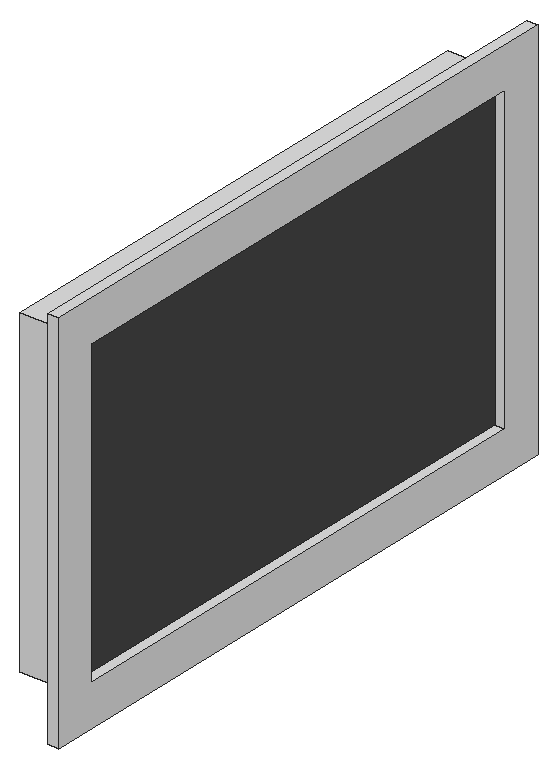
Revit family "KOMPLEKS CHEMOWENT - Kratka - nawiew", category Terminale wentylacyjne, Revit 2016
Family settings
  Typ części = Normalny
  Wymiar okrągłego złącza = Użyj średnicy
  Oparty na płaszczyźnie roboczej = Nie
  Zawsze pionowo = Tak
  Tnij formami wycięć po wczytaniu = Nie
  Współdzielony = Nie
  Punkt obliczania pomieszczeń = Nie
Parameters
  Wysokość kratki [instance] = 300 mm
  Wysokość kołnierza [instance] = A ogr + 60 mm  # 560 mm
  Szerokość kratki [instance] = 500 mm
  Kratka = KOMPLEKS CHEMOWENT - kratka
  Zakres grubości płyt [instance] = "4,6,8,10 i 12 mm"
  Wysokość wycięcia [instance] = A ogr - 2 * Grubość płyt  # 484 mm
  URL = "https://chemowent.pl/"
  Szerokość wycięcia [instance] = B ogr - 2 * Grubość płyt  # 284 mm
  Producent = "KOMPLEKS CHEMOWENT"
  Opis = "2.2.13. Kratka - nawiew"
  Model = "Kratka - nawiew"
  Materiał = KOMPLEKS CHEMOWENT - PPs
  L ogr [instance] = if(Długość kratki < 50 mm, 50 mm, Długość kratki)  # 50 mm
  Grubość płyt [instance] = 8 mm
  Szerokość kołnierza [instance] = B ogr + 60 mm  # 360 mm
  Długość kratki [instance] = 50 mm
  Dokumentacja techniczna = "https://chemowent.pl/dopobrania/Katalog-techniczny-Chemowent"
  B ogr [instance] = if(Wysokość kratki < 100 mm, 100 mm, Wysokość kratki)  # 300 mm
  A ogr [instance] = if(Szerokość kratki < 100 mm, 100 mm, Szerokość kratki)  # 500 mm
Reference planes
  plane 1 "Środek (Przód/Tył)": y = 0
  plane 2: z = 0
  plane 3 "Środek (Lewa/Prawa)": x = 0
  plane 4: y = 250
  plane 5: y = -250
  plane 6: z = 150
  plane 7: z = -150
  plane 8: x = 50
Forms (mm)
  Sweep 1, solid, material "KOMPLEKS CHEMOWENT - PPs" <- "Materiał", detail levels fine
    path origin (0, 0, 0) x (1, 0, 0) y (0, 1, 0)
      loop
        line (60, 0) -> (50, 0)
    profile origin (55, 0, 0) x (0, -1, 0) y (0, 0, 1)
      loop
        line (-280, 180) -> (-280, -180) -> (280, -180) -> (280, 180) -> (-280, 180)
  Extrusion 2, solid, material "KOMPLEKS CHEMOWENT - PPs" <- "Materiał", detail levels fine
    sketch origin (0, 0, 0) x (1, 0, 0) y (0, 0, 1)
      loop
        line (0, 150) -> (0, -150) -> (50, -150) -> (50, 150) -> (0, 150)
    from -250 to 250
  Extrusion 3, void
    sketch origin (0, 0, 0) x (0, 1, 0) y (0, 0, 1)
      loop
        line (-242, 142) -> (-242, -142) -> (242, -142) -> (242, 142) -> (-242, 142)
    from 0 to 60
  Extrusion 4, solid, material "KOMPLEKS CHEMOWENT - kratka" <- "Kratka", detail levels fine
    sketch origin (0, 0, 0) x (1, 0, 0) y (0, 0, 1)
      loop
        line (40, 142) -> (40, -142) -> (50, -142) -> (50, 142) -> (40, 142)
    from -242 to 242
  Extrusion 5, solid, material "KOMPLEKS CHEMOWENT - PPs" <- "Materiał", detail levels medium
    sketch origin (0, 0, 0) x (1, 0, 0) y (0, 0, 1)
      loop
        line (0, 150) -> (0, -150) -> (50, -150) -> (50, 150) -> (0, 150)
    from -250 to 250
Cuts and joins
  Extrusion 3 cuts Sweep 1
  Extrusion 3 cuts Extrusion 2
  joined: Sweep 1, Extrusion 2
Lines and regions (mm)
  model lines, detail levels coarse
    curve 1: line (0, -250, 150) -> (0, 250, 150)
    curve 2: line (0, -250, -150) -> (0, -250, 150)
    curve 3: line (0, 250, -150) -> (0, -250, -150)
    curve 4: line (0, 250, 150) -> (0, 250, -150)
    curve 5: line (0, 0, 0) -> (60, 0, 0)
  model lines, style "DuctAccessory", detail levels coarse
    curve 6: line (0, 0, 0) -> (35.355, 0, 35.355)
    curve 7: line (0, 0, 0) -> (35.355, 0, -35.355)
    curve 8: line (0, 0, 0) -> (35.355, 35.355, 0)
    curve 9: line (0, 0, 0) -> (35.355, -35.355, 0)
Dimensions and locks
  equal spacing: plane 5, plane 1 "Środek (Przód/Tył)", plane 4
  "A ogr": plane 4 to plane 5
  equal spacing: plane 6, level, plane 7
  "B ogr": plane 6 to plane 7
  equal spacing: Sweep 1 sketch curve, plane 1 "Środek (Przód/Tył)", Sweep 1 sketch curve
  "Wysokość kołnierza": Sweep 1 sketch curve to Sweep 1 sketch curve
  equal spacing: Sweep 1 sketch curve, level, Sweep 1 sketch curve
  "Szerokość kołnierza": Sweep 1 sketch curve to Sweep 1 sketch curve
  "L ogr": plane 3 "Środek (Lewa/Prawa)" to plane 8
  equal spacing: Extrusion 3 sketch curve, plane 1 "Środek (Przód/Tył)", Extrusion 3 sketch curve
  "Wysokość wycięcia": Extrusion 3 sketch curve to Extrusion 3 sketch curve
  equal spacing: Extrusion 3 sketch curve, level, Extrusion 3 sketch curve
  "Szerokość wycięcia": Extrusion 3 sketch curve to Extrusion 3 sketch curve
  locked: plane 8 to Sweep 1 sketch curve at 10
  locked: plane 8 to Extrusion 3 at 10
  locked: plane 8 to Extrusion 4 sketch curve at 10
  "Grubość płyt": Extrusion 4 sketch curve to plane 7
  "Grubość płyt": plane 6 to Extrusion 4 sketch curve
  "Grubość płyt": Extrusion 4 to plane 5
  "Grubość płyt": plane 4 to Extrusion 4
  locked: curve 6 to curve 6 at 50
  locked: curve 7 to curve 7 at 50
  locked: plane 8 to curve 5 at 10
  locked: level to curve 6 (angle 45.00°)
  locked: curve 7 to level (angle 45.00°)
  locked: plane 1 "Środek (Przód/Tył)" to curve 8 (angle 45.00°)
  locked: curve 9 to plane 1 "Środek (Przód/Tył)" (angle 45.00°)
  aligned and locked: level to plane 2
  aligned and locked: plane 1 "Środek (Przód/Tył)" to Sweep 1 sketch curve
  aligned and locked: Extrusion 2 sketch curve to plane 3 "Środek (Lewa/Prawa)"
  aligned and locked: Extrusion 2 sketch curve to plane 6
  aligned and locked: Extrusion 2 sketch curve to plane 7
  aligned and locked: plane 4 to Extrusion 2
  aligned and locked: Extrusion 2 to plane 5
  aligned and locked: curve 1 to plane 6
  aligned and locked: plane 5 to curve 2
  aligned and locked: plane 7 to curve 3
  aligned and locked: curve 4 to plane 4
  aligned and locked: Extrusion 2 sketch curve to plane 8
  aligned and locked: plane 8 to Sweep 1 sketch curve
  aligned and locked: Extrusion 3 to plane 3 "Środek (Lewa/Prawa)"
  aligned and locked: Extrusion 4 sketch curve to plane 8
  aligned and locked: Extrusion 5 sketch curve to plane 6
  aligned and locked: plane 7 to Extrusion 5 sketch curve
  aligned and locked: plane 3 "Środek (Lewa/Prawa)" to Extrusion 5 sketch curve
  aligned and locked: Extrusion 5 sketch curve to plane 8
  aligned and locked: plane 4 to Extrusion 5
  aligned and locked: Extrusion 5 to plane 5
  aligned and locked: plane 1 "Środek (Przód/Tył)" to curve 5
  aligned and locked: plane 3 "Środek (Lewa/Prawa)" to curve 7
  aligned and locked: level to curve 6
  aligned and locked: plane 3 "Środek (Lewa/Prawa)" to curve 9
Connectors
  hvac at (0, 0, 0), driven by "Wysokość kratki", driven by "Szerokość kratki"
    settings: on cut or joined group of Sweep 1, Extrusion 2, Extrusion 3, index 1, duct flow 0.0 m³/h, flow factor 0, pres drop 0.0 Pa, loss coef 0, conn angle 0.00°, conn width 500 mm, conn height 300 mm, conn diameter 609.6 mm, duct sys type 1, conn prof type 1, flow config 0, flow direction 2, loss method 0, conn ref index -1, conn util no, is conn primary yes, conn desc ""
